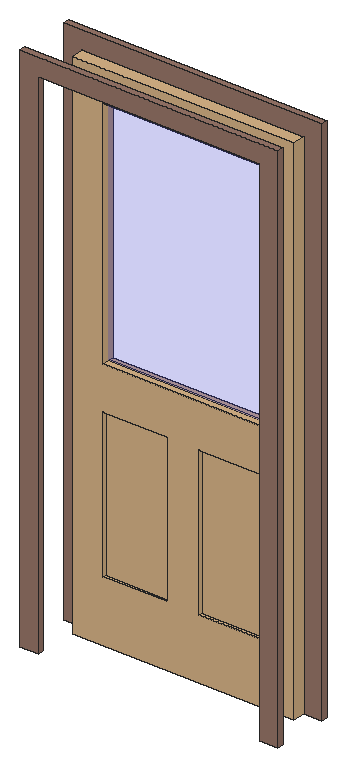
Revit family
Parameters (values of type "0914 x 2134mm")
  Thickness = 51 mm
  Height = 2134 mm
  난간 폭-하단 = 254 mm
  난간 폭-중심 = 178 mm
  난간 폭-상단 = 127 mm
  선틀 = 127 mm
  상단 패널 = 965 mm
  자르기 투영 = 25 mm
  자르기 폭 = 75 mm
  Wall Closure = (empty or 0)
  Width = 914 mm
  프레임 재료 = 문 - 프레임
  문 재료 = 문 - 패널
Types (7, lengths in mm): name | Height | Width
  0762 x 2032mm | 2032 | 762
  0762 x 2134mm | 2134 | 762
  0813 x 2134mm | 2032 | 813
  0864 x 2134mm | 2134 | 864
  0914 x 2032mm | 2032 | 914
  0914 x 2134mm | 2134 | 914
  0864 x 2032mm | 2032 | 864
Reference planes
  plane 1: y = 0
  plane 2 "중심(왼쪽/오른쪽)": x = 0
  plane 3: x = -457
  plane 4 "오른쪽": x = 457
  plane 5: z = 2134
  plane 6: z = 2007
  plane 7: z = 254
  plane 8: z = 1042
  plane 9: z = 864
  plane 10: x = 330
  plane 11: x = -330
  plane 12: x = 64
  plane 13: x = -64
  plane 14: z = 1931
  plane 15: z = 1118
  plane 16: x = 254
  plane 17: x = -254
  plane 18: x = 159
  plane 19: x = -159
  plane 20: z = 1524.5
Forms (mm)
  Extrusion 1, solid, material "문 - 프레임" <- "프레임 재료"
    sketch origin (-3050, -100, 0) x (1, 0, 0) y (0, 0, 1)
      loop
        line (2518, 0) -> (2593, 0) -> (2593, 2134) -> (3507, 2134) -> (3507, 0) -> (3582, 0) -> (3582, 2209) -> (2518, 2209) -> (2518, 0)
    from 0 to 25
  Extrusion 2, solid, material "문 - 패널" <- "문 재료"
    sketch origin (-3048.667, 100, 0) x (-1, 0, 0) y (0, 0, 1)
      loop
        line (-3507, 2134) -> (-3507, 0) -> (-2593, 0) -> (-2593, 2134) -> (-3507, 2134)
      loop
        line (-3380, 2007) -> (-3380, 1042) -> (-2720, 1042) -> (-2720, 2007) -> (-3380, 2007)
      loop
        line (-3380, 864) -> (-3380, 254) -> (-3116.23, 254) -> (-3116.23, 864) -> (-3380, 864)
      loop
        line (-2986, 864) -> (-2986, 254) -> (-2720, 254) -> (-2720, 864) -> (-2986, 864)
    from 0 to -51
  Extrusion 3, solid, material "유리"
    sketch origin (-3048.667, 100, 0) x (-1, 0, 0) y (0, 0, 1)
      loop
        line (-3378.667, 2007) -> (-3378.667, 1042) -> (-2718.667, 1042) -> (-2718.667, 2007) -> (-3378.667, 2007)
    from -22 to -28
  Extrusion 4, solid, material "문 - 패널" <- "문 재료"
    sketch origin (-3048.667, 100, 0) x (-1, 0, 0) y (0, 0, 1)
      loop
        line (-3378.667, 864) -> (-3378.667, 254) -> (-3114.896, 254) -> (-3114.896, 864) -> (-3378.667, 864)
      loop
        line (-2984.667, 864) -> (-2984.667, 254) -> (-2718.667, 254) -> (-2718.667, 864) -> (-2984.667, 864)
    from -13 to -39
  Extrusion 5, solid, material "문 - 프레임" <- "프레임 재료"
    sketch origin (-5000, 100, 0) x (-1, 0, 0) y (0, 0, 1)
      loop
        line (-5532, 2209) -> (-5532, 0) -> (-5457, 0) -> (-5457, 2134) -> (-4543, 2134) -> (-4543, 0) -> (-4468, 0) -> (-4468, 2209) -> (-5532, 2209)
    from 0 to 25
Lines and regions (mm)
  Opening 1
    outline origin (-3050, -100, 0) x (1, 0, 0) y (0, 0, 1)
      loop
        line (2593, 0) -> (3507, 0) -> (3507, 2134) -> (2593, 2134) -> (2593, 0)
  symbolic lines, style "DoorsPanelProjection"
    curve 1: line (457, 100, 0) -> (406, 100, 0)
    curve 2: line (457, 100, 0) -> (457, 1014, 0)
    curve 3: line (457, 1014, 0) -> (406, 1014, 0)
    curve 4: line (406, 100, 0) -> (406, 1014, 0)
  symbolic lines, style "평면 스윙"
    curve 5: arc (457, 1014, 0) -> (-189.296, 746.296, 0) -> (-457, 100, 0) r 914
  model lines
    curve 6: line (330, 78, 1931) -> (-330, 78, 1931)
    curve 7: line (330, 78, 1118) -> (-330, 78, 1118)
    curve 8: line (254, 78, 2007) -> (254, 78, 1042)
    curve 9: line (-254, 78, 2007) -> (-254, 78, 1042)
    curve 10: arc (-159, 78, 1524.5) -> (-116.396, 78, 1683.5) -> (0, 78, 1799.896) r 318
    curve 11: arc (-159, 78, 1524.5) -> (-116.396, 78, 1365.5) -> (0, 78, 1249.104) r 318
    curve 12: arc (159, 78, 1524.5) -> (116.396, 78, 1683.5) -> (0, 78, 1799.896) r 318
    curve 13: arc (159, 78, 1524.5) -> (116.396, 78, 1365.5) -> (0, 78, 1249.104) r 318
    curve 14: line (0, 78, 1799.896) -> (0, 78, 1931)
    curve 15: line (-159, 78, 1524.5) -> (-254, 78, 1524.5)
    curve 16: line (159, 78, 1524.5) -> (254, 78, 1524.5)
    curve 17: line (0, 78, 1249.104) -> (0, 78, 1118)
  symbolic lines, style "입면도 스윙"
    curve 18: line (-457, 0, 2134) -> (457, 0, 1067)
    curve 19: line (457, 0, 1067) -> (-455.667, 0, 0)
Text (mm)
  text "외부" at (-1785.494, 1099.543, 0), in view "바닥 선"
  text "외부" at (0, 1340.728, 2466.372), in view "왼쪽"
  text "외부" at (0, -1724.616, 4274.932), in view "오른쪽"
Dimensions and locks
  equal spacing: plane 3, plane 2 "중심(왼쪽/오른쪽)", plane 4 "오른쪽"
  "Width": plane 3 to plane 4 "오른쪽"
  locked: plane 1 to host wall
  "자르기 폭": Extrusion 1 sketch curve to plane 3
  "자르기 폭": plane 5 to Extrusion 1 sketch curve
  "자르기 폭": plane 4 "오른쪽" to Extrusion 1 sketch curve
  "Height": plane 5 to host wall
  "Width": curve 3 to host wall
  "Thickness": curve 2 to curve 4
  "자르기 투영": Extrusion 1 to host wall
  "난간 폭-하단": host wall to plane 7
  "난간 폭-중심": plane 9 to plane 8
  "난간 폭-상단": plane 6 to plane 5
  "상단 패널": plane 8 to plane 6
  "선틀": plane 10 to plane 4 "오른쪽"
  "선틀": plane 11 to plane 3
  locked: plane 12 to plane 13 at 128
  equal spacing: plane 12, plane 2 "중심(왼쪽/오른쪽)", plane 13
  equal spacing: plane 16, plane 18, plane 12
  equal spacing: plane 13, plane 19, plane 17
  equal spacing: plane 8, plane 20, plane 6
  locked: plane 10 to plane 16 at 76
  locked: plane 17 to plane 11 at 76
  locked: plane 14 to plane 6 at 76
  locked: plane 8 to plane 15 at 76
  "Thickness": Extrusion 2 to host wall
  "자르기 폭": Extrusion 5 sketch curve to Extrusion 5 sketch curve
  "자르기 폭": plane 3 to Extrusion 5 sketch curve
  "자르기 폭": Extrusion 5 sketch curve to plane 5
  "자르기 투영": Extrusion 5 to host wall
  locked: Extrusion 2 to Extrusion 4 at 12
  locked: host wall to Extrusion 4 at 13
  equal spacing: level, curve 19, plane 5
  aligned and locked: plane 3 to Opening 1 sketch curve
  aligned and locked: plane 5 to Opening 1 sketch curve  (x2)
  aligned and locked: Opening 1 sketch curve to plane 4 "오른쪽"
  aligned and locked: Opening 1 sketch curve to level
  aligned and locked: level to Extrusion 1 sketch curve
  aligned and locked: plane 5 to Extrusion 1 sketch curve  (x2)
  aligned and locked: Extrusion 1 sketch curve to plane 4 "오른쪽"
  aligned and locked: plane 3 to Extrusion 1 sketch curve
  aligned and locked: plane 14 to curve 6
  aligned and locked: plane 15 to curve 7
  aligned and locked: plane 16 to curve 8
  aligned and locked: plane 17 to curve 9
  aligned and locked: curve 6 to curve 14
  aligned and locked: curve 14 to plane 2 "중심(왼쪽/오른쪽)"
  aligned and locked: plane 19 to curve 15
  aligned and locked: curve 9 to curve 15
  aligned and locked: plane 20 to curve 15
  aligned and locked: plane 18 to curve 16
  aligned and locked: curve 8 to curve 16
  aligned and locked: curve 7 to curve 17
  aligned and locked: plane 2 "중심(왼쪽/오른쪽)" to curve 17
  aligned and locked: host wall to Extrusion 2
Automatic sketch dimensions
  Extrusion 1 sketch curve to level = 0 mm
  curve 5 to plane 3 = 0 mm
  curve 1 to plane 4 "오른쪽" = 0 mm
  curve 4 to curve 5 = 0 mm
  Extrusion 5 sketch curve to level = 0 mm  (x2)
  Extrusion 5 sketch curve to plane 4 "오른쪽" = 0 mm
  Extrusion 5 sketch curve to plane 3 = 0 mm
  Extrusion 5 sketch curve to plane 5 = 0 mm
  Extrusion 4 sketch curve to plane 7 = 0 mm  (x2)
  Extrusion 4 sketch curve to plane 10 = 0 mm
  Extrusion 4 sketch curve to plane 9 = 0 mm  (x2)
  Extrusion 4 sketch curve to plane 13 = 0 mm
  Extrusion 4 sketch curve to plane 11 = 0 mm
  plane 12 to Extrusion 4 sketch curve = 2.23 mm
  Extrusion 2 sketch curve to plane 4 "오른쪽" = 1.333 mm
  Extrusion 2 sketch curve to plane 9 = 0 mm  (x2)
  plane 10 to Extrusion 2 sketch curve = 1.333 mm  (x2)
  Extrusion 2 sketch curve to plane 6 = 0 mm
  Extrusion 2 sketch curve to plane 7 = 0 mm  (x2)
  plane 13 to Extrusion 2 sketch curve = 1.333 mm
  plane 11 to Extrusion 2 sketch curve = 1.333 mm  (x2)
  Extrusion 2 sketch curve to plane 3 = 1.333 mm
  plane 12 to Extrusion 2 sketch curve = 3.563 mm
  Extrusion 2 sketch curve to level = 0 mm
  Extrusion 2 sketch curve to plane 8 = 0 mm
  Extrusion 2 sketch curve to plane 5 = 0 mm
  Extrusion 3 sketch curve to plane 8 = 0 mm
  Extrusion 3 sketch curve to plane 10 = 0 mm
  Extrusion 3 sketch curve to plane 11 = 0 mm
  Extrusion 3 sketch curve to plane 6 = 0 mm
  curve 18 to plane 3 = 0 mm
  curve 18 to plane 5 = 0 mm
  curve 8 to plane 6 = 0 mm
  curve 9 to plane 6 = 0 mm
  curve 16 to plane 20 = 0 mm
  curve 19 to plane 4 "오른쪽" = 0 mm
  curve 8 to plane 8 = 0 mm
  curve 9 to plane 8 = 0 mm
  curve 19 to level = 0 mm
  curve 7 to plane 11 = 0 mm
  curve 6 to plane 11 = 0 mm
  curve 12 to plane 19 = 0 mm
  curve 13 to plane 19 = 0 mm
  curve 6 to plane 10 = 0 mm
  curve 7 to plane 10 = 0 mm
  curve 19 to plane 3 = 1.333 mm
